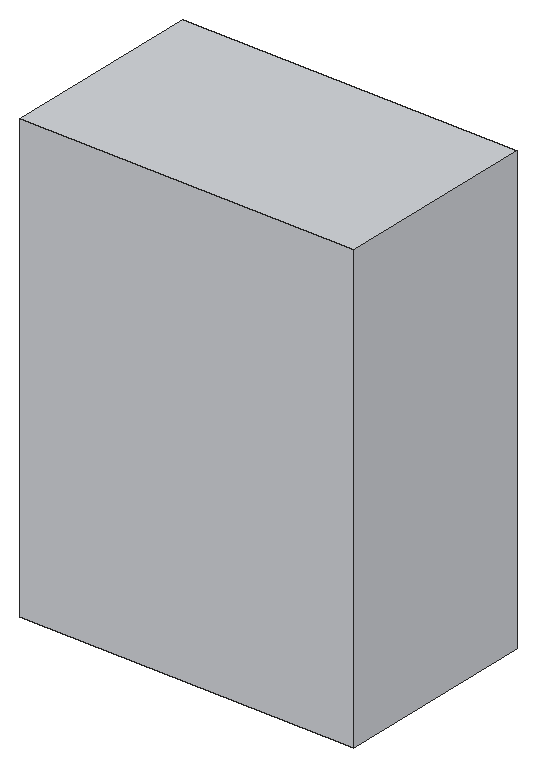
Revit family
Parameters
  hook [instance] = Unit Width / 0' 10"  # 3
  Warranty Duration (Years) = 0
  Unit Width [instance] = 2' - 2"
  Unit Height [instance] = 0' - 0"
  Unit Depth = 0' - 0"
  URL = "http://www.americanspecialties.com/viewCategories.cfm"
  Trim Material = Rubber
  Test Data = ""
  Specification = "http://www.arcat.com/sdspecs/htm/10810asi.htm"
  SpecWizard = ""
  Send Message = "http://www.arcat.com/users.pl?action=UserEmail&company=American%20Specialties,%20Inc.&coid=30448&rep=139&fax=914-476-0688&mf="
  Sales Information = "http://www.americanspecialties.com/contact"
  Revision = "R1_10-2010"
  Product Properties = "http://www.americanspecialties.com/datasheets/0796.pdf"
  Product Data = "http://www.arcat.com/arcatcos/cos30/arc30448.html"
  Model = "As Specified in 10 28 13"
  Manufacturer Website = "http://www.americanspecialties.com/viewCategories.cfm"
  Manufacturer Phone - Toll Free = ""
  Manufacturer Phone = "914-476-9000 "
  Manufacturer Fax = "914-476-0688"
  Manufacturer Address = "441 Saw Mill River Rd., Yonkers, NY 10701"
  Manufacturer = "American Specialties, Inc."
  Maintenance Schedule (Months) = 0
  Keynote = "10 28 13"
  Installation-Fabrication = "http://www.americanspecialties.com/products.cfm"
  Green Building-LEED = ""
  Expected Lifespan (Years) = 0
  Drawn By = "Robert S. Weygant. CSI, CDT, SCIP"  # constant formula
  Description = "Toilet Accessory as Specified in 10 28 13"
  Default Elevation = 4' - 0"
  Copyright = "©Arcat Inc."
  Construction Details = "http://www.arcat.com/green/clients/leed_data_30448.html"
  Building Codes = "http://www.americanspecialties.com/products.cfm"
  Body Material = Metal - Stainless Steel
  Assembly Code = "C1030210"
Reference planes (in)
  plane 1 "Center (Front/Back)": y = -0.29112
  plane 2 "Floor Line": z = 0
  plane 3 "Center (Left/Right)": x = -0.65843
Forms (in)
  Extrusion 1, solid
    sketch origin (-3, -9, -6) x (0, 0, -1) y (1, 0, 0)
      loop
        line (-82, 56.90407) -> (-82, -0.06991) -> (-6, -0.06991) -> (-6, 56.90407) -> (-82, 56.90407)
    from 9 to -25.60721
  Extrusion 2, solid, material "Metal - Stainless Steel" <- "Body Material"
    sketch origin (34.93009, -10.58223, 0) x (0, -1, 0) y (0, 0, 1)
      loop
        line (-8.79112, 0) -> (-8.79112, 0.5) -> (-11.79112, 0.5) -> (-11.79112, 0) -> (-11.66612, 0) -> (-11.66612, 0.375) -> (-8.91612, 0.375) -> (-8.91612, 0) -> (-8.79112, 0)
    from 35.58852 to 9.58852
  Extrusion 3, solid, material "Metal - Stainless Steel" <- "Body Material"
    sketch origin (-14.31405, -2.48146, -10.11605) x (1, 0, 0) y (0, 0, 1)
      loop
        line (15.15562, 10.61605) -> (18.15562, 10.61605) -> (18.15562, 11.46368) -> (18.03062, 11.46368) -> (18.03062, 10.74105) -> (15.28062, 10.74105) -> (15.28062, 12.51646) -> (15.15562, 12.51646) -> (15.15562, 10.61605)
    from -1.5 to -2.88069
  Extrusion 4, solid, material "Rubber" <- "Trim Material"
    sketch origin (1.375, 0, -3) x (1, 0, 0) y (0, 1, 0)
      loop
        arc (1.71876, -0.00164) -> (1.38167, 0.05154) -> (1.04802, -0.02014) r 0.93233
        arc (1.04802, -0.02014) -> (0.90772, -0.07915) -> (0.79313, -0.17932) r 0.47745
        arc (0.79313, -0.17932) -> (0.82811, -0.32067) -> (0.6876, -0.35889) r 0.10417
        arc (0.6876, -0.35889) -> (0.5665, -0.32788) -> (0.49553, -0.22496) r 0.1783
        line (0.49553, -0.22496) -> (0.30272, -0.22496) -> (0.30272, -0.4268)
        arc (0.30272, -0.4268) -> (1.23821, -1.05205) -> (2.33702, -0.8097) r 1.43411
        arc (2.33702, -0.8097) -> (2.14783, -0.3139) -> (1.71876, -0.00164) r 0.93233
    from 3.70633 to 5.00782
  Extrusion 5, solid, material "Rubber" <- "Trim Material"
    sketch origin (1.5, 0, -3) x (1, 0, 0) y (0, 1, 0)
      loop
        circle (1.63426, -0.62262) r 0.25
    from 5.00782 to 5.1404
  Extrusion 6, solid
    sketch origin (1.5, 0, -3) x (1, 0, 0) y (0, 1, 0)
      loop
        circle (0.52944, 0.16479) r 0.08601
      loop
        circle (1.83175, 0.16479) r 0.08601
    from 3.625 to 3.70633
  Extrusion 7, solid, material "Metal - Stainless Steel" <- "Body Material"
    sketch origin (-4.31405, -2.48146, -10.11605) x (1, 0, 0) y (0, 0, 1)
      loop
        line (15.15562, 10.61605) -> (18.15562, 10.61605) -> (18.15562, 11.46368) -> (18.03062, 11.46368) -> (18.03062, 10.74105) -> (15.28062, 10.74105) -> (15.28062, 12.51646) -> (15.15562, 12.51646) -> (15.15562, 10.61605)
    from -1.5 to -2.88069
  Extrusion 8, solid, material "Rubber" <- "Trim Material"
    sketch origin (11.375, 0, -3) x (1, 0, 0) y (0, 1, 0)
      loop
        arc (1.71876, -0.00164) -> (1.38167, 0.05154) -> (1.04802, -0.02014) r 0.93233
        arc (1.04802, -0.02014) -> (0.90772, -0.07915) -> (0.79313, -0.17932) r 0.47745
        arc (0.79313, -0.17932) -> (0.82811, -0.32067) -> (0.6876, -0.35889) r 0.10417
        arc (0.6876, -0.35889) -> (0.5665, -0.32788) -> (0.49553, -0.22496) r 0.1783
        line (0.49553, -0.22496) -> (0.30272, -0.22496) -> (0.30272, -0.4268)
        arc (0.30272, -0.4268) -> (1.23821, -1.05205) -> (2.33702, -0.8097) r 1.43411
        arc (2.33702, -0.8097) -> (2.14783, -0.3139) -> (1.71876, -0.00164) r 0.93233
    from 3.70633 to 5.00782
  Extrusion 9, solid, material "Rubber" <- "Trim Material"
    sketch origin (11.5, 0, -3) x (1, 0, 0) y (0, 1, 0)
      loop
        circle (1.63426, -0.62262) r 0.25
    from 5.00782 to 5.1404
  Extrusion 10, solid
    sketch origin (11.5, 0, -3) x (1, 0, 0) y (0, 1, 0)
      loop
        circle (0.52944, 0.16479) r 0.08601
      loop
        circle (1.83175, 0.16479) r 0.08601
    from 3.625 to 3.70633
  Extrusion 11, solid, material "Metal - Stainless Steel" <- "Body Material"
    sketch origin (5.68595, -2.48146, -10.11605) x (1, 0, 0) y (0, 0, 1)
      loop
        line (15.15562, 10.61605) -> (18.15562, 10.61605) -> (18.15562, 11.46368) -> (18.03062, 11.46368) -> (18.03062, 10.74105) -> (15.28062, 10.74105) -> (15.28062, 12.51646) -> (15.15562, 12.51646) -> (15.15562, 10.61605)
    from -1.5 to -2.88069
  Extrusion 12, solid, material "Rubber" <- "Trim Material"
    sketch origin (21.375, 0, -3) x (1, 0, 0) y (0, 1, 0)
      loop
        arc (1.71876, -0.00164) -> (1.38167, 0.05154) -> (1.04802, -0.02014) r 0.93233
        arc (1.04802, -0.02014) -> (0.90772, -0.07915) -> (0.79313, -0.17932) r 0.47745
        arc (0.79313, -0.17932) -> (0.82811, -0.32067) -> (0.6876, -0.35889) r 0.10417
        arc (0.6876, -0.35889) -> (0.5665, -0.32788) -> (0.49553, -0.22496) r 0.1783
        line (0.49553, -0.22496) -> (0.30272, -0.22496) -> (0.30272, -0.4268)
        arc (0.30272, -0.4268) -> (1.23821, -1.05205) -> (2.33702, -0.8097) r 1.43411
        arc (2.33702, -0.8097) -> (2.14783, -0.3139) -> (1.71876, -0.00164) r 0.93233
    from 3.70633 to 5.00782
  Extrusion 13, solid, material "Rubber" <- "Trim Material"
    sketch origin (21.5, 0, -3) x (1, 0, 0) y (0, 1, 0)
      loop
        circle (1.63426, -0.62262) r 0.25
    from 5.00782 to 5.1404
  Extrusion 14, solid
    sketch origin (21.5, 0, -3) x (1, 0, 0) y (0, 1, 0)
      loop
        circle (0.52944, 0.16479) r 0.08601
      loop
        circle (1.83175, 0.16479) r 0.08601
    from 3.625 to 3.70633
  Extrusion 15, void
    sketch origin (0, 0, 0) x (1, 0, 0) y (0, 1, 0)
      loop
        circle (0.09157, -0.29112) r 0.21875
      loop
        circle (24.59157, -0.29112) r 0.21875
    from 0.5 to 0.375
Cuts and joins
  Extrusion 15 cuts Extrusion 2
Dimensions and locks (in)
  "Unit Width": Extrusion 2 to Extrusion 2
  locked: plane 3 "Center (Left/Right)" to Extrusion 15 sketch curve at 0.75
  locked: Extrusion 15 sketch curve to Extrusion 2 at 0.75
  aligned and locked: Extrusion 1 to level
  aligned and locked: Extrusion 4 to Extrusion 5
  aligned and locked: Extrusion 8 to Extrusion 9
  aligned and locked: Extrusion 12 to Extrusion 13
Automatic sketch dimensions
  Extrusion 1 sketch curve to Extrusion 1 sketch curve = 6' - 4"
  Extrusion 1 sketch curve to Extrusion 1 sketch curve = 4' - 8.97398"
  Extrusion 3 sketch curve to Extrusion 3 sketch curve = 0' - 2 3/4"
  Extrusion 3 sketch curve to Extrusion 3 sketch curve = 0' - 0 1/8"  (x3)
  Extrusion 3 sketch curve to Extrusion 3 sketch curve = 0' - 0.72263"
  Extrusion 3 sketch curve to Extrusion 3 sketch curve = 0' - 1.77541"
  Extrusion 4 sketch curve to Extrusion 4 sketch curve = 0' - 0"  (x4)
  Extrusion 4 sketch curve to Extrusion 4 sketch curve = 0' - 0.19281"
  Extrusion 4 sketch curve to Extrusion 4 sketch curve = 0' - 0.17295"
  Extrusion 4 sketch curve to Extrusion 4 sketch curve = 0' - 0.01912"
  Extrusion 4 sketch curve to Extrusion 4 sketch curve = 0' - 0.0507"
  Extrusion 4 sketch curve to Extrusion 4 sketch curve = 0' - 0.05483"
  Extrusion 4 sketch curve to Extrusion 4 sketch curve = 0' - 0.25489"
  Extrusion 4 sketch curve to Extrusion 4 sketch curve = 0' - 0.24674"
  Extrusion 4 sketch curve to Extrusion 4 sketch curve = 0' - 0.45547"
  Extrusion 4 sketch curve to Extrusion 4 sketch curve = 0' - 0.21527"
  Extrusion 6 sketch curve to Extrusion 6 sketch curve = 0' - 1.30231"
  Extrusion 4 sketch curve to Extrusion 4 sketch curve = 0' - 0.42233"
  Extrusion 4 sketch curve to Extrusion 4 sketch curve = 0' - 0.92964"
  Extrusion 4 sketch curve to Extrusion 4 sketch curve = 0' - 0.07073"
  Extrusion 4 sketch curve to Extrusion 4 sketch curve = 0' - 0.39631"
  Extrusion 4 sketch curve to Extrusion 4 sketch curve = 0' - 0.24748"
  Extrusion 4 sketch curve to Extrusion 4 sketch curve = 0' - 0.17958"
  Extrusion 4 sketch curve to Extrusion 4 sketch curve = 0' - 0.20183"
  Extrusion 6 sketch curve to Extrusion 6 sketch curve = 0' - 0"
  Extrusion 7 sketch curve to Extrusion 7 sketch curve = 0' - 2 3/4"
  Extrusion 7 sketch curve to Extrusion 7 sketch curve = 0' - 0 1/8"  (x3)
  Extrusion 7 sketch curve to Extrusion 7 sketch curve = 0' - 0.72263"
  Extrusion 7 sketch curve to Extrusion 7 sketch curve = 0' - 1.77541"
  Extrusion 8 sketch curve to Extrusion 8 sketch curve = 0' - 0"  (x4)
  Extrusion 8 sketch curve to Extrusion 8 sketch curve = 0' - 0.19281"
  Extrusion 8 sketch curve to Extrusion 8 sketch curve = 0' - 0.17295"
  Extrusion 8 sketch curve to Extrusion 8 sketch curve = 0' - 0.01912"
  Extrusion 8 sketch curve to Extrusion 8 sketch curve = 0' - 0.0507"
  Extrusion 8 sketch curve to Extrusion 8 sketch curve = 0' - 0.05483"
  Extrusion 8 sketch curve to Extrusion 8 sketch curve = 0' - 0.25489"
  Extrusion 8 sketch curve to Extrusion 8 sketch curve = 0' - 0.24674"
  Extrusion 8 sketch curve to Extrusion 8 sketch curve = 0' - 0.45547"
  Extrusion 8 sketch curve to Extrusion 8 sketch curve = 0' - 0.21527"
  Extrusion 10 sketch curve to Extrusion 10 sketch curve = 0' - 1.30231"
  Extrusion 8 sketch curve to Extrusion 8 sketch curve = 0' - 0.42233"
  Extrusion 8 sketch curve to Extrusion 8 sketch curve = 0' - 0.92964"
  Extrusion 8 sketch curve to Extrusion 8 sketch curve = 0' - 0.07073"
  Extrusion 8 sketch curve to Extrusion 8 sketch curve = 0' - 0.39631"
  Extrusion 8 sketch curve to Extrusion 8 sketch curve = 0' - 0.24748"
  Extrusion 8 sketch curve to Extrusion 8 sketch curve = 0' - 0.17958"
  Extrusion 8 sketch curve to Extrusion 8 sketch curve = 0' - 0.20183"
  Extrusion 10 sketch curve to Extrusion 10 sketch curve = 0' - 0"
  Extrusion 11 sketch curve to Extrusion 11 sketch curve = 0' - 2 3/4"
  Extrusion 11 sketch curve to Extrusion 11 sketch curve = 0' - 0 1/8"  (x3)
  Extrusion 11 sketch curve to Extrusion 11 sketch curve = 0' - 0.72263"
  Extrusion 11 sketch curve to Extrusion 11 sketch curve = 0' - 1.77541"
  Extrusion 12 sketch curve to Extrusion 12 sketch curve = 0' - 0"  (x4)
  Extrusion 12 sketch curve to Extrusion 12 sketch curve = 0' - 0.19281"
  Extrusion 12 sketch curve to Extrusion 12 sketch curve = 0' - 0.17295"
  Extrusion 12 sketch curve to Extrusion 12 sketch curve = 0' - 0.01912"
  Extrusion 12 sketch curve to Extrusion 12 sketch curve = 0' - 0.0507"
  Extrusion 12 sketch curve to Extrusion 12 sketch curve = 0' - 0.05483"
  Extrusion 12 sketch curve to Extrusion 12 sketch curve = 0' - 0.25489"
  Extrusion 12 sketch curve to Extrusion 12 sketch curve = 0' - 0.24674"
  Extrusion 12 sketch curve to Extrusion 12 sketch curve = 0' - 0.45547"
  Extrusion 12 sketch curve to Extrusion 12 sketch curve = 0' - 0.21527"
  Extrusion 14 sketch curve to Extrusion 14 sketch curve = 0' - 1.30231"
  Extrusion 12 sketch curve to Extrusion 12 sketch curve = 0' - 0.42233"
  Extrusion 12 sketch curve to Extrusion 12 sketch curve = 0' - 0.92964"
  Extrusion 12 sketch curve to Extrusion 12 sketch curve = 0' - 0.07073"
  Extrusion 12 sketch curve to Extrusion 12 sketch curve = 0' - 0.39631"
  Extrusion 12 sketch curve to Extrusion 12 sketch curve = 0' - 0.24748"
  Extrusion 12 sketch curve to Extrusion 12 sketch curve = 0' - 0.17958"
  Extrusion 12 sketch curve to Extrusion 12 sketch curve = 0' - 0.20183"
  Extrusion 14 sketch curve to Extrusion 14 sketch curve = 0' - 0"
  Extrusion 15 sketch curve to plane 1 "Center (Front/Back)" = 0' - 0"  (x2)
  Extrusion 2 sketch curve to level = 0' - 0"
  Extrusion 2 sketch curve to plane 1 "Center (Front/Back)" = 0' - 1 1/2"
  Extrusion 2 sketch curve to Extrusion 2 sketch curve = 0' - 0 1/8"  (x3)
  plane 1 "Center (Front/Back)" to Extrusion 2 sketch curve = 0' - 1 3/8"
  level to Extrusion 2 sketch curve = 0' - 0"
  level to Extrusion 2 sketch curve = 0' - 0 3/8"
  level to Extrusion 3 sketch curve = 0' - 0 1/2"
  plane 3 "Center (Left/Right)" to Extrusion 3 sketch curve = 0' - 1 1/2"
  plane 1 "Center (Front/Back)" to Extrusion 4 sketch curve = 0' - 0.13568"
  plane 3 "Center (Left/Right)" to Extrusion 4 sketch curve = 0' - 2.33615"
  plane 1 "Center (Front/Back)" to Extrusion 5 sketch curve = 0' - 0.3315"
  plane 3 "Center (Left/Right)" to Extrusion 5 sketch curve = 0' - 3.79269"
  Extrusion 6 sketch curve to plane 1 "Center (Front/Back)" = 0' - 0.45591"
  plane 3 "Center (Left/Right)" to Extrusion 6 sketch curve = 0' - 2.68787"
  level to Extrusion 7 sketch curve = 0' - 0 1/2"
  plane 3 "Center (Left/Right)" to Extrusion 7 sketch curve = 0' - 11 1/2"
  plane 1 "Center (Front/Back)" to Extrusion 8 sketch curve = 0' - 0.13568"
  plane 3 "Center (Left/Right)" to Extrusion 8 sketch curve = 1' - 0.33615"
  plane 1 "Center (Front/Back)" to Extrusion 9 sketch curve = 0' - 0.3315"
  plane 3 "Center (Left/Right)" to Extrusion 9 sketch curve = 1' - 1.79269"
  Extrusion 10 sketch curve to plane 1 "Center (Front/Back)" = 0' - 0.45591"
  plane 3 "Center (Left/Right)" to Extrusion 10 sketch curve = 1' - 0.68787"
  level to Extrusion 11 sketch curve = 0' - 0 1/2"
  plane 3 "Center (Left/Right)" to Extrusion 11 sketch curve = 1' - 9 1/2"
  plane 1 "Center (Front/Back)" to Extrusion 12 sketch curve = 0' - 0.13568"
  plane 3 "Center (Left/Right)" to Extrusion 12 sketch curve = 1' - 10.33615"
  plane 1 "Center (Front/Back)" to Extrusion 13 sketch curve = 0' - 0.3315"
  plane 3 "Center (Left/Right)" to Extrusion 13 sketch curve = 1' - 11.79269"
  Extrusion 14 sketch curve to plane 1 "Center (Front/Back)" = 0' - 0.45591"
  plane 3 "Center (Left/Right)" to Extrusion 14 sketch curve = 1' - 10.68787"
  radius of Extrusion 5 sketch curve = 0' - 0 1/4"
  radius of Extrusion 6 sketch curve = 0' - 0.08601"  (x2)
  radius of Extrusion 9 sketch curve = 0' - 0 1/4"
  radius of Extrusion 10 sketch curve = 0' - 0.08601"  (x2)
  radius of Extrusion 13 sketch curve = 0' - 0 1/4"
  radius of Extrusion 14 sketch curve = 0' - 0.08601"  (x2)
  radius of Extrusion 15 sketch curve = 0' - 0 7/32"  (x2)
